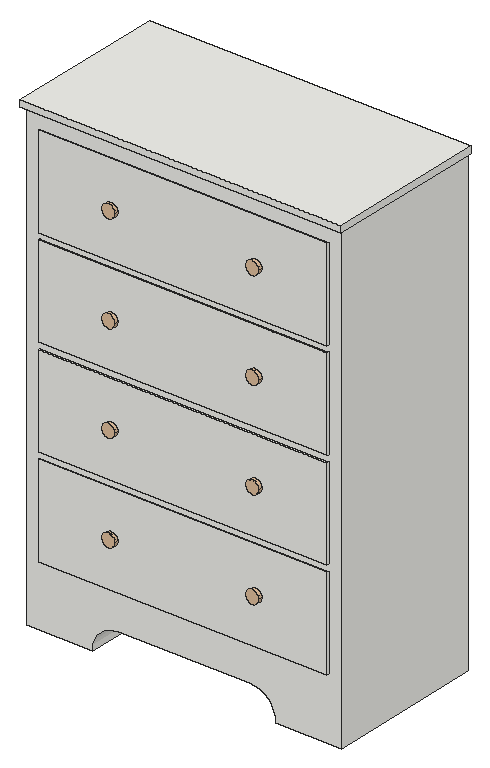
Revit family
Parameters (values of type "1220 x 1830 x 0610mm")
  Keynote = "N"
  Depth = 610.00 mm
  Material Dresser = Laminate - Ivory, Glossy
  Material Drawer = Laminate - Ivory, Matte
  Material Handles = Wood - Cherry
  Height = 1830.00 mm
  Width = 1220.00 mm
  Assembly Code = ""
Types (3, lengths in mm): name | Depth | Height | Width
  1220 x 1830 x 0610mm | 610.00 | 1830.00 | 1220.00
  1220 x 1525 x 0610mm | 610.00 | 1525.00 | 1220.00
  1830 x 1525 x 0457mm | 457.00 | 1525.00 | 1830.00
Reference planes
  plane 1 "Center (Front/Back)": y = -363.163
  plane 2: z = 0
  plane 3 "Center (Left/Right)": x = -269.193
  plane 4 "Back": y = -58.163
  plane 5 "Front": y = -668.163
  plane 6 "Right": x = 340.807
  plane 7 "Left": x = -879.193
  plane 8 "Top": z = 1830
  plane 9: x = -523.593
  plane 10: x = -14.793
  plane 11: z = 1753.8
  plane 12: z = 1372.5
  plane 13: z = 991.2
  plane 14: z = 609.9
  plane 15: z = 228.6
  plane 16: x = -828.393
  plane 17: x = 290.007
  plane 18: y = -674.513
  plane 19: z = 1804.6
  plane 20: x = -548.793
  plane 21: x = 10.407
  plane 22: z = 1563.15
  plane 23: z = 1181.85
  plane 24: z = 800.55
  plane 25: z = 419.25
Forms (mm)
  Extrusion 1, solid, material "Laminate - Ivory, Glossy" <- "Material Dresser"
    sketch origin (0, -668.163, 0) x (1, 0, 0) y (0, 0, 1)
      loop
        line (86.807, 0) -> (340.807, 0) -> (340.807, 1804.6) -> (-879.193, 1804.6) -> (-879.193, 0) -> (-625.193, 0)
        arc (-625.193, 0) -> (-595.435, 71.842) -> (-523.593, 101.6) r 101.6
        line (-523.593, 101.6) -> (-14.793, 101.6)
        arc (-14.793, 101.6) -> (57.049, 71.842) -> (86.807, 0) r 101.6
    from 0 to -610
  Extrusion 2, solid, material "Laminate - Ivory, Matte"
    sketch origin (0, -668.163, 0) x (1, 0, 0) y (0, 0, 1)
      loop
        line (290.007, 1741.1) -> (-828.393, 1741.1) -> (-828.393, 1385.2) -> (290.007, 1385.2) -> (290.007, 1741.1)
      loop
        line (290.007, 1359.8) -> (-828.393, 1359.8) -> (-828.393, 1003.9) -> (290.007, 1003.9) -> (290.007, 1359.8)
      loop
        line (290.007, 978.5) -> (-828.393, 978.5) -> (-828.393, 622.6) -> (290.007, 622.6) -> (290.007, 978.5)
      loop
        line (290.007, 597.2) -> (-828.393, 597.2) -> (-828.393, 241.3) -> (290.007, 241.3) -> (290.007, 597.2)
    from 0 to 6.35
  Extrusion 3, solid, material "Laminate - Ivory, Matte"
    sketch origin (0, 0, 0) x (1, 0, 0) y (0, 1, 0)
      loop
        line (-891.893, -58.163) -> (-891.893, -687.213) -> (353.507, -687.213) -> (353.507, -58.163) -> (-891.893, -58.163)
    from 1804.6 to 1830
  Extrusion 4, solid, material "Wood - Cherry" <- "Material Handles"
    sketch origin (0, -668.163, 0) x (1, 0, 0) y (0, 0, 1)
      loop
        circle (10.407, 1563.15) r 25.4
      loop
        circle (10.407, 1181.85) r 25.4
      loop
        circle (10.407, 800.55) r 25.4
      loop
        circle (10.407, 419.25) r 25.4
      loop
        circle (-548.793, 419.25) r 25.4
      loop
        circle (-548.793, 800.55) r 25.4
      loop
        circle (-548.793, 1181.85) r 25.4
      loop
        circle (-548.793, 1563.15) r 25.4
    from 6.35 to 19.05
Lines and regions (mm)
  Masking region 1
    outline origin (0, 0, 0) x (1, 0, 0) y (0, 1, 0)
      loop
        line (-891.893, -58.163) -> (-891.893, -687.213) -> (353.507, -687.213) -> (353.507, -58.163) -> (-891.893, -58.163)
Dimensions and locks
  equal spacing: plane 7 "Left", plane 3 "Center (Left/Right)", plane 6 "Right"
  equal spacing: plane 5 "Front", plane 1 "Center (Front/Back)", plane 4 "Back"
  "Width": plane 7 "Left" to plane 6 "Right"
  "Depth": plane 5 "Front" to plane 4 "Back"
  "Height": plane 8 "Top" to plane 2
  locked: plane 7 "Left" to plane 9 at 355.6
  locked: plane 6 "Right" to plane 10 at 355.6
  locked: plane 8 "Top" to plane 11 at 76.2
  locked: plane 15 to plane 2 at 228.6
  equal spacing: plane 11, plane 12, plane 13, plane 14, plane 15
  locked: plane 7 "Left" to plane 16 at 50.8
  locked: plane 17 to plane 6 "Right" at 50.8
  plane 18 to plane 5 "Front" = 6.35 mm
  locked: plane 19 to plane 8 "Top" at 25.4
  equal spacing: plane 16, plane 20, plane 3 "Center (Left/Right)"
  equal spacing: plane 17, plane 21, plane 3 "Center (Left/Right)"
  equal spacing: plane 14, plane 25, plane 15
  equal spacing: plane 13, plane 24, plane 14
  equal spacing: plane 12, plane 23, plane 13
  equal spacing: plane 11, plane 22, plane 12
  aligned and locked: Extrusion 1 to plane 4 "Back"
  aligned and locked: Extrusion 2 to plane 5 "Front"
  aligned and locked: Extrusion 2 to plane 18
  aligned and locked: plane 19 to Extrusion 1
  aligned and locked: Extrusion 3 to plane 8 "Top"
  aligned and locked: Extrusion 3 to Extrusion 1
  aligned: Masking region 1 sketch curve to Extrusion 3  (x3)
  aligned: Extrusion 3 to Masking region 1 sketch curve
Automatic sketch dimensions
  Extrusion 1 sketch curve to level = 0.00 mm  (x2)
  Extrusion 1 sketch curve to plane 7 "Left" = 0.00 mm
  Extrusion 1 sketch curve to plane 9 = 0.00 mm
  Extrusion 1 sketch curve to plane 10 = 0.00 mm
  Extrusion 1 sketch curve to plane 6 "Right" = 0.00 mm
  Extrusion 1 sketch curve to Extrusion 1 sketch curve = 101.60 mm
  plane 8 "Top" to Extrusion 1 sketch curve = 25.40 mm
  Extrusion 2 sketch curve to plane 16 = 0.00 mm  (x4)
  Extrusion 2 sketch curve to plane 17 = 0.00 mm  (x4)
  Extrusion 2 sketch curve to plane 15 = 12.70 mm
  plane 14 to Extrusion 2 sketch curve = 12.70 mm
  Extrusion 2 sketch curve to plane 14 = 12.70 mm
  plane 13 to Extrusion 2 sketch curve = 12.70 mm
  Extrusion 2 sketch curve to plane 13 = 12.70 mm
  plane 12 to Extrusion 2 sketch curve = 12.70 mm
  Extrusion 2 sketch curve to plane 12 = 12.70 mm
  plane 11 to Extrusion 2 sketch curve = 12.70 mm
  plane 7 "Left" to Extrusion 3 sketch curve = 12.70 mm
  Extrusion 3 sketch curve to plane 18 = 12.70 mm
  Extrusion 3 sketch curve to plane 6 "Right" = 12.70 mm
  Extrusion 4 sketch curve to plane 22 = 0.00 mm  (x2)
  Extrusion 4 sketch curve to plane 23 = 0.00 mm  (x2)
  Extrusion 4 sketch curve to plane 24 = 0.00 mm  (x2)
  Extrusion 4 sketch curve to plane 25 = 0.00 mm  (x2)
  Extrusion 4 sketch curve to plane 20 = 0.00 mm  (x4)
  Extrusion 4 sketch curve to plane 21 = 0.00 mm  (x4)
  Extrusion 4 sketch curve to Extrusion 4 sketch curve = 25.40 mm  (x8)
  Extrusion 3 sketch curve to plane 4 "Back" = 0.00 mm
  Masking region 1 sketch curve to plane 4 "Back" = 0.00 mm
  plane 7 "Left" to Masking region 1 sketch curve = 12.70 mm
  Masking region 1 sketch curve to plane 6 "Right" = 12.70 mm
  Masking region 1 sketch curve to plane 18 = 12.70 mm
